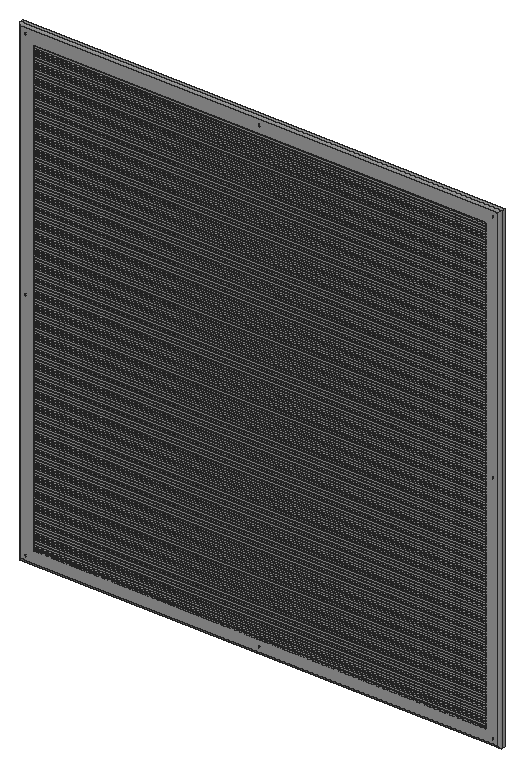
Revit family "ОНФ", category Оборудование, Revit 2021
Family settings
  Размер круглого соединителя = Использовать диаметр
  Классификация = Нет
  Тип детали = Нормальный
  На основе рабочей плоскости = Нет
  Всегда вертикально = Да
  При загрузке вырезать с полостями = Нет
  Общий = Нет
  Точка принадлежности помещению = Нет
Parameters (values of type "ОНФ 1000х1000")
  Ширина = C  # 30 mm
  Статичний тиск повітря [instance] = 0.0 Pa
  Повітряний потік [instance] = 0.0 m³/h
  Отметка по умолчанию = 0 mm
  Максимальний потік повітря = 0.0 m³/h
  Класифікація навантаження = "HVAC"
  Изготовитель = "Вентс"  # constant formula
  Довжина = A  # 1000 mm
  Висота = B  # 1000 mm
  Вага = 6.50 kg
  t = 3 mm
  r = 5 mm  # constant formula
  n = B1 / S  # 157
  a2 = -A1 / 2  # -470 mm
  a1 = A1 / 2  # 470 mm
  URL = "https://vents.ua/ua/series/onf-onfs-series-single-row-grilles-with-fixed-vanes"
  S = 6 mm
  Матеріал зони обслуговуваня = none
  Матеріал корпусу = Метал, пофарбований, білий, матовий
  B2 = B - C  # 970 mm
  B1 = B - C * 2  # 940 mm
  C = 30 mm
  B = 1000 mm
  A2 = A - C  # 970 mm
  A1 = A - 2 * C  # 940 mm
  A = 1000 mm
  09_Назва системи [instance] = ""
  00_20_Тип = "ОНФ 1000х1000"
  00_20_Назва = "Припливно-витяжна решітка"
  00_20_Виробник = "Вентс"  # constant formula
Reference planes
  plane 1 "По центру (Вперед/Назад)": y = 0
  plane 2: z = 0
  plane 3 "По центру (Влево/Вправо)": x = 0
  plane 4: x = 470
  plane 5: x = -470
  plane 6: z = 470
  plane 7: z = -470
  plane 8: z = 485
  plane 9: x = -485
  plane 10: x = 485
  plane 11: z = -485
Forms (mm)
  Extrusion 1, solid, material "Метал, пофарбований, білий, матовий"
    sketch origin (-145.595, 0, 117.557) x (1, 0, 0) y (0, 0, 1)
      loop
        line (-324.405, -587.557) -> (615.595, -587.557) -> (615.595, 352.443) -> (-324.405, 352.443) -> (-324.405, -587.557)
      loop
        line (-354.405, -617.557) -> (645.595, -617.557) -> (645.595, 382.443) -> (-354.405, 382.443) -> (-354.405, -617.557)
    from 0 to 10
  Extrusion 2, solid, material "Метал, пофарбований, білий, матовий"
    sketch origin (0, 0, 250) x (0, 1, 0) y (0, 0, 1)
      loop
        line (0, 216.798) -> (-10, 216.798) -> (-10, 213.798) -> (0, 213.798) -> (0, 216.798)
    from 470 <- "a1" to -470 <- "a2"
  Extrusion 3, solid, material "Метал, пофарбований, білий, матовий"
    sketch origin (0, 0, 244) x (0, 1, 0) y (0, 0, 1)
      loop
        line (0, 216.798) -> (-10, 216.798) -> (-10, 213.798) -> (0, 213.798) -> (0, 216.798)
    from 470 <- "a1" to -470 <- "a2"
  Extrusion 4, solid, material "Метал, пофарбований, білий, матовий"
    sketch origin (0, 0, 238) x (0, 1, 0) y (0, 0, 1)
      loop
        line (0, 216.798) -> (-10, 216.798) -> (-10, 213.798) -> (0, 213.798) -> (0, 216.798)
    from 470 <- "a1" to -470 <- "a2"
  Extrusion 5, solid, material "Метал, пофарбований, білий, матовий"
    sketch origin (0, 0, 232) x (0, 1, 0) y (0, 0, 1)
      loop
        line (0, 216.798) -> (-10, 216.798) -> (-10, 213.798) -> (0, 213.798) -> (0, 216.798)
    from 470 <- "a1" to -470 <- "a2"
  Extrusion 6, solid, material "Метал, пофарбований, білий, матовий"
    sketch origin (0, 0, 226) x (0, 1, 0) y (0, 0, 1)
      loop
        line (0, 216.798) -> (-10, 216.798) -> (-10, 213.798) -> (0, 213.798) -> (0, 216.798)
    from 470 <- "a1" to -470 <- "a2"
  Extrusion 7, solid, material "Метал, пофарбований, білий, матовий"
    sketch origin (0, 0, 220) x (0, 1, 0) y (0, 0, 1)
      loop
        line (0, 216.798) -> (-10, 216.798) -> (-10, 213.798) -> (0, 213.798) -> (0, 216.798)
    from 470 <- "a1" to -470 <- "a2"
  Extrusion 8, solid, material "Метал, пофарбований, білий, матовий"
    sketch origin (0, 0, 214) x (0, 1, 0) y (0, 0, 1)
      loop
        line (0, 216.798) -> (-10, 216.798) -> (-10, 213.798) -> (0, 213.798) -> (0, 216.798)
    from 470 <- "a1" to -470 <- "a2"
  Extrusion 9, solid, material "Метал, пофарбований, білий, матовий"
    sketch origin (0, 0, 208) x (0, 1, 0) y (0, 0, 1)
      loop
        line (0, 216.798) -> (-10, 216.798) -> (-10, 213.798) -> (0, 213.798) -> (0, 216.798)
    from 470 <- "a1" to -470 <- "a2"
  Extrusion 10, solid, material "Метал, пофарбований, білий, матовий"
    sketch origin (0, 0, 202) x (0, 1, 0) y (0, 0, 1)
      loop
        line (0, 216.798) -> (-10, 216.798) -> (-10, 213.798) -> (0, 213.798) -> (0, 216.798)
    from 470 <- "a1" to -470 <- "a2"
  Extrusion 11, solid, material "Метал, пофарбований, білий, матовий"
    sketch origin (0, 0, 196) x (0, 1, 0) y (0, 0, 1)
      loop
        line (0, 216.798) -> (-10, 216.798) -> (-10, 213.798) -> (0, 213.798) -> (0, 216.798)
    from 470 <- "a1" to -470 <- "a2"
  Extrusion 12, solid, material "Метал, пофарбований, білий, матовий"
    sketch origin (0, 0, 190) x (0, 1, 0) y (0, 0, 1)
      loop
        line (0, 216.798) -> (-10, 216.798) -> (-10, 213.798) -> (0, 213.798) -> (0, 216.798)
    from 470 <- "a1" to -470 <- "a2"
  Extrusion 13, solid, material "Метал, пофарбований, білий, матовий"
    sketch origin (0, 0, 184) x (0, 1, 0) y (0, 0, 1)
      loop
        line (0, 216.798) -> (-10, 216.798) -> (-10, 213.798) -> (0, 213.798) -> (0, 216.798)
    from 470 <- "a1" to -470 <- "a2"
  Extrusion 14, solid, material "Метал, пофарбований, білий, матовий"
    sketch origin (0, 0, 178) x (0, 1, 0) y (0, 0, 1)
      loop
        line (0, 216.798) -> (-10, 216.798) -> (-10, 213.798) -> (0, 213.798) -> (0, 216.798)
    from 470 <- "a1" to -470 <- "a2"
  Sweep 15, void
    path in 3D
      loop
        line (-500, -10, 500) -> (-500, -10, -500) -> (500, -10, -500) -> (500, -10, 500) -> (-500, -10, 500)
    profile origin (0, -10, 500) x (0, -1, 0) y (0, 0, 1)
      loop
        line (0, 0) -> (-5, 0)
        arc (-5, 0) -> (-1.464, -1.464) -> (0, -5) r 5
        line (0, -5) -> (0, 0)
  Extrusion 16, void
    sketch origin (0, 0, 0) x (1, 0, 0) y (0, 0, 1)
      loop
        circle (485.01, 485.01) r 2
      loop
        circle (-485.01, 485.01) r 2
      loop
        circle (485, 0) r 2
      loop
        circle (-485, 0) r 2
      loop
        circle (-485.01, -485.01) r 2
      loop
        circle (485.01, -485.01) r 2
      loop
        circle (0, -485) r 2
      loop
        circle (0, 485) r 2
    from 0 to 10
  Extrusion 17, solid, material "Метал, пофарбований, білий, матовий"
    sketch origin (0, 0, 172) x (0, 1, 0) y (0, 0, 1)
      loop
        line (0, 216.798) -> (-10, 216.798) -> (-10, 213.798) -> (0, 213.798) -> (0, 216.798)
    from 470 <- "a1" to -470 <- "a2"
  Extrusion 18, solid, material "Метал, пофарбований, білий, матовий"
    sketch origin (0, 0, 166) x (0, 1, 0) y (0, 0, 1)
      loop
        line (0, 216.798) -> (-10, 216.798) -> (-10, 213.798) -> (0, 213.798) -> (0, 216.798)
    from 470 <- "a1" to -470 <- "a2"
  Extrusion 19, solid, material "Метал, пофарбований, білий, матовий"
    sketch origin (0, 0, 160) x (0, 1, 0) y (0, 0, 1)
      loop
        line (0, 216.798) -> (-10, 216.798) -> (-10, 213.798) -> (0, 213.798) -> (0, 216.798)
    from 470 <- "a1" to -470 <- "a2"
  Extrusion 20, solid, material "Метал, пофарбований, білий, матовий"
    sketch origin (0, 0, 154) x (0, 1, 0) y (0, 0, 1)
      loop
        line (0, 216.798) -> (-10, 216.798) -> (-10, 213.798) -> (0, 213.798) -> (0, 216.798)
    from 470 <- "a1" to -470 <- "a2"
  Extrusion 21, solid, material "Метал, пофарбований, білий, матовий"
    sketch origin (0, 0, 148) x (0, 1, 0) y (0, 0, 1)
      loop
        line (0, 216.798) -> (-10, 216.798) -> (-10, 213.798) -> (0, 213.798) -> (0, 216.798)
    from 470 <- "a1" to -470 <- "a2"
  Extrusion 22, solid, material "Метал, пофарбований, білий, матовий"
    sketch origin (0, 0, 142) x (0, 1, 0) y (0, 0, 1)
      loop
        line (0, 216.798) -> (-10, 216.798) -> (-10, 213.798) -> (0, 213.798) -> (0, 216.798)
    from 470 <- "a1" to -470 <- "a2"
  Extrusion 23, solid, material "Метал, пофарбований, білий, матовий"
    sketch origin (0, 0, 136) x (0, 1, 0) y (0, 0, 1)
      loop
        line (0, 216.798) -> (-10, 216.798) -> (-10, 213.798) -> (0, 213.798) -> (0, 216.798)
    from 470 <- "a1" to -470 <- "a2"
  Extrusion 24, solid, material "Метал, пофарбований, білий, матовий"
    sketch origin (0, 0, 130) x (0, 1, 0) y (0, 0, 1)
      loop
        line (0, 216.798) -> (-10, 216.798) -> (-10, 213.798) -> (0, 213.798) -> (0, 216.798)
    from 470 <- "a1" to -470 <- "a2"
  Extrusion 25, solid, material "Метал, пофарбований, білий, матовий"
    sketch origin (0, 0, 124) x (0, 1, 0) y (0, 0, 1)
      loop
        line (0, 216.798) -> (-10, 216.798) -> (-10, 213.798) -> (0, 213.798) -> (0, 216.798)
    from 470 <- "a1" to -470 <- "a2"
  Extrusion 26, solid, material "Метал, пофарбований, білий, матовий"
    sketch origin (0, 0, 118) x (0, 1, 0) y (0, 0, 1)
      loop
        line (0, 216.798) -> (-10, 216.798) -> (-10, 213.798) -> (0, 213.798) -> (0, 216.798)
    from 470 <- "a1" to -470 <- "a2"
  Extrusion 27, solid, material "Метал, пофарбований, білий, матовий"
    sketch origin (0, 0, 112) x (0, 1, 0) y (0, 0, 1)
      loop
        line (0, 216.798) -> (-10, 216.798) -> (-10, 213.798) -> (0, 213.798) -> (0, 216.798)
    from 470 <- "a1" to -470 <- "a2"
  Extrusion 28, solid, material "Метал, пофарбований, білий, матовий"
    sketch origin (0, 0, 106) x (0, 1, 0) y (0, 0, 1)
      loop
        line (0, 216.798) -> (-10, 216.798) -> (-10, 213.798) -> (0, 213.798) -> (0, 216.798)
    from 470 <- "a1" to -470 <- "a2"
  Extrusion 29, solid, material "Метал, пофарбований, білий, матовий"
    sketch origin (0, 0, 100) x (0, 1, 0) y (0, 0, 1)
      loop
        line (0, 216.798) -> (-10, 216.798) -> (-10, 213.798) -> (0, 213.798) -> (0, 216.798)
    from 470 <- "a1" to -470 <- "a2"
  Extrusion 30, solid, material "Метал, пофарбований, білий, матовий"
    sketch origin (0, 0, 94) x (0, 1, 0) y (0, 0, 1)
      loop
        line (0, 216.798) -> (-10, 216.798) -> (-10, 213.798) -> (0, 213.798) -> (0, 216.798)
    from 470 <- "a1" to -470 <- "a2"
  Extrusion 31, solid, material "Метал, пофарбований, білий, матовий"
    sketch origin (0, 0, 88) x (0, 1, 0) y (0, 0, 1)
      loop
        line (0, 216.798) -> (-10, 216.798) -> (-10, 213.798) -> (0, 213.798) -> (0, 216.798)
    from 470 <- "a1" to -470 <- "a2"
  Extrusion 32, solid, material "Метал, пофарбований, білий, матовий"
    sketch origin (0, 0, 82) x (0, 1, 0) y (0, 0, 1)
      loop
        line (0, 216.798) -> (-10, 216.798) -> (-10, 213.798) -> (0, 213.798) -> (0, 216.798)
    from 470 <- "a1" to -470 <- "a2"
  Extrusion 33, solid, material "Метал, пофарбований, білий, матовий"
    sketch origin (0, 0, 76) x (0, 1, 0) y (0, 0, 1)
      loop
        line (0, 216.798) -> (-10, 216.798) -> (-10, 213.798) -> (0, 213.798) -> (0, 216.798)
    from 470 <- "a1" to -470 <- "a2"
  Extrusion 34, solid, material "Метал, пофарбований, білий, матовий"
    sketch origin (0, 0, 70) x (0, 1, 0) y (0, 0, 1)
      loop
        line (0, 216.798) -> (-10, 216.798) -> (-10, 213.798) -> (0, 213.798) -> (0, 216.798)
    from 470 <- "a1" to -470 <- "a2"
  Extrusion 35, solid, material "Метал, пофарбований, білий, матовий"
    sketch origin (0, 0, 64) x (0, 1, 0) y (0, 0, 1)
      loop
        line (0, 216.798) -> (-10, 216.798) -> (-10, 213.798) -> (0, 213.798) -> (0, 216.798)
    from 470 <- "a1" to -470 <- "a2"
  Extrusion 36, solid, material "Метал, пофарбований, білий, матовий"
    sketch origin (0, 0, 58) x (0, 1, 0) y (0, 0, 1)
      loop
        line (0, 216.798) -> (-10, 216.798) -> (-10, 213.798) -> (0, 213.798) -> (0, 216.798)
    from 470 <- "a1" to -470 <- "a2"
  Extrusion 37, solid, material "Метал, пофарбований, білий, матовий"
    sketch origin (0, 0, 52) x (0, 1, 0) y (0, 0, 1)
      loop
        line (0, 216.798) -> (-10, 216.798) -> (-10, 213.798) -> (0, 213.798) -> (0, 216.798)
    from 470 <- "a1" to -470 <- "a2"
  Extrusion 38, solid, material "Метал, пофарбований, білий, матовий"
    sketch origin (0, 0, 46) x (0, 1, 0) y (0, 0, 1)
      loop
        line (0, 216.798) -> (-10, 216.798) -> (-10, 213.798) -> (0, 213.798) -> (0, 216.798)
    from 470 <- "a1" to -470 <- "a2"
  Extrusion 39, solid, material "Метал, пофарбований, білий, матовий"
    sketch origin (0, 0, 40) x (0, 1, 0) y (0, 0, 1)
      loop
        line (0, 216.798) -> (-10, 216.798) -> (-10, 213.798) -> (0, 213.798) -> (0, 216.798)
    from 470 <- "a1" to -470 <- "a2"
  Extrusion 40, solid, material "Метал, пофарбований, білий, матовий"
    sketch origin (0, 0, 34) x (0, 1, 0) y (0, 0, 1)
      loop
        line (0, 216.798) -> (-10, 216.798) -> (-10, 213.798) -> (0, 213.798) -> (0, 216.798)
    from 470 <- "a1" to -470 <- "a2"
  Extrusion 41, solid, material "Метал, пофарбований, білий, матовий"
    sketch origin (0, 0, 28) x (0, 1, 0) y (0, 0, 1)
      loop
        line (0, 216.798) -> (-10, 216.798) -> (-10, 213.798) -> (0, 213.798) -> (0, 216.798)
    from 470 <- "a1" to -470 <- "a2"
  Extrusion 42, solid, material "Метал, пофарбований, білий, матовий"
    sketch origin (0, 0, 22) x (0, 1, 0) y (0, 0, 1)
      loop
        line (0, 216.798) -> (-10, 216.798) -> (-10, 213.798) -> (0, 213.798) -> (0, 216.798)
    from 470 <- "a1" to -470 <- "a2"
  Extrusion 43, solid, material "Метал, пофарбований, білий, матовий"
    sketch origin (0, 0, 16) x (0, 1, 0) y (0, 0, 1)
      loop
        line (0, 216.798) -> (-10, 216.798) -> (-10, 213.798) -> (0, 213.798) -> (0, 216.798)
    from 470 <- "a1" to -470 <- "a2"
  Extrusion 44, solid, material "Метал, пофарбований, білий, матовий"
    sketch origin (0, 0, 10) x (0, 1, 0) y (0, 0, 1)
      loop
        line (0, 216.798) -> (-10, 216.798) -> (-10, 213.798) -> (0, 213.798) -> (0, 216.798)
    from 470 <- "a1" to -470 <- "a2"
  Extrusion 45, solid, material "Метал, пофарбований, білий, матовий"
    sketch origin (0, 0, 4) x (0, 1, 0) y (0, 0, 1)
      loop
        line (0, 216.798) -> (-10, 216.798) -> (-10, 213.798) -> (0, 213.798) -> (0, 216.798)
    from 470 <- "a1" to -470 <- "a2"
  Extrusion 46, solid, material "Метал, пофарбований, білий, матовий"
    sketch origin (0, 0, -2) x (0, 1, 0) y (0, 0, 1)
      loop
        line (0, 216.798) -> (-10, 216.798) -> (-10, 213.798) -> (0, 213.798) -> (0, 216.798)
    from 470 <- "a1" to -470 <- "a2"
  Extrusion 47, solid, material "Метал, пофарбований, білий, матовий"
    sketch origin (0, 0, -8) x (0, 1, 0) y (0, 0, 1)
      loop
        line (0, 216.798) -> (-10, 216.798) -> (-10, 213.798) -> (0, 213.798) -> (0, 216.798)
    from 470 <- "a1" to -470 <- "a2"
  Extrusion 48, solid, material "Метал, пофарбований, білий, матовий"
    sketch origin (0, 0, -14) x (0, 1, 0) y (0, 0, 1)
      loop
        line (0, 216.798) -> (-10, 216.798) -> (-10, 213.798) -> (0, 213.798) -> (0, 216.798)
    from 470 <- "a1" to -470 <- "a2"
  Extrusion 49, solid, material "Метал, пофарбований, білий, матовий"
    sketch origin (0, 0, -20) x (0, 1, 0) y (0, 0, 1)
      loop
        line (0, 216.798) -> (-10, 216.798) -> (-10, 213.798) -> (0, 213.798) -> (0, 216.798)
    from 470 <- "a1" to -470 <- "a2"
  Extrusion 50, solid, material "Метал, пофарбований, білий, матовий"
    sketch origin (0, 0, -26) x (0, 1, 0) y (0, 0, 1)
      loop
        line (0, 216.798) -> (-10, 216.798) -> (-10, 213.798) -> (0, 213.798) -> (0, 216.798)
    from 470 <- "a1" to -470 <- "a2"
  Extrusion 51, solid, material "Метал, пофарбований, білий, матовий"
    sketch origin (0, 0, -32) x (0, 1, 0) y (0, 0, 1)
      loop
        line (0, 216.798) -> (-10, 216.798) -> (-10, 213.798) -> (0, 213.798) -> (0, 216.798)
    from 470 <- "a1" to -470 <- "a2"
  Extrusion 52, solid, material "Метал, пофарбований, білий, матовий"
    sketch origin (0, 0, -38) x (0, 1, 0) y (0, 0, 1)
      loop
        line (0, 216.798) -> (-10, 216.798) -> (-10, 213.798) -> (0, 213.798) -> (0, 216.798)
    from 470 <- "a1" to -470 <- "a2"
  Extrusion 53, solid, material "Метал, пофарбований, білий, матовий"
    sketch origin (0, 0, -44) x (0, 1, 0) y (0, 0, 1)
      loop
        line (0, 216.798) -> (-10, 216.798) -> (-10, 213.798) -> (0, 213.798) -> (0, 216.798)
    from 470 <- "a1" to -470 <- "a2"
  Extrusion 54, solid, material "Метал, пофарбований, білий, матовий"
    sketch origin (0, 0, -50) x (0, 1, 0) y (0, 0, 1)
      loop
        line (0, 216.798) -> (-10, 216.798) -> (-10, 213.798) -> (0, 213.798) -> (0, 216.798)
    from 470 <- "a1" to -470 <- "a2"
  Extrusion 55, solid, material "Метал, пофарбований, білий, матовий"
    sketch origin (0, 0, -56) x (0, 1, 0) y (0, 0, 1)
      loop
        line (0, 216.798) -> (-10, 216.798) -> (-10, 213.798) -> (0, 213.798) -> (0, 216.798)
    from 470 <- "a1" to -470 <- "a2"
  Extrusion 56, solid, material "Метал, пофарбований, білий, матовий"
    sketch origin (0, 0, -62) x (0, 1, 0) y (0, 0, 1)
      loop
        line (0, 216.798) -> (-10, 216.798) -> (-10, 213.798) -> (0, 213.798) -> (0, 216.798)
    from 470 <- "a1" to -470 <- "a2"
  Extrusion 57, solid, material "Метал, пофарбований, білий, матовий"
    sketch origin (0, 0, -68) x (0, 1, 0) y (0, 0, 1)
      loop
        line (0, 216.798) -> (-10, 216.798) -> (-10, 213.798) -> (0, 213.798) -> (0, 216.798)
    from 470 <- "a1" to -470 <- "a2"
  Extrusion 58, solid, material "Метал, пофарбований, білий, матовий"
    sketch origin (0, 0, -74) x (0, 1, 0) y (0, 0, 1)
      loop
        line (0, 216.798) -> (-10, 216.798) -> (-10, 213.798) -> (0, 213.798) -> (0, 216.798)
    from 470 <- "a1" to -470 <- "a2"
  Extrusion 59, solid, material "Метал, пофарбований, білий, матовий"
    sketch origin (0, 0, -80) x (0, 1, 0) y (0, 0, 1)
      loop
        line (0, 216.798) -> (-10, 216.798) -> (-10, 213.798) -> (0, 213.798) -> (0, 216.798)
    from 470 <- "a1" to -470 <- "a2"
  Extrusion 60, solid, material "Метал, пофарбований, білий, матовий"
    sketch origin (0, 0, -86) x (0, 1, 0) y (0, 0, 1)
      loop
        line (0, 216.798) -> (-10, 216.798) -> (-10, 213.798) -> (0, 213.798) -> (0, 216.798)
    from 470 <- "a1" to -470 <- "a2"
  Extrusion 61, solid, material "Метал, пофарбований, білий, матовий"
    sketch origin (0, 0, -92) x (0, 1, 0) y (0, 0, 1)
      loop
        line (0, 216.798) -> (-10, 216.798) -> (-10, 213.798) -> (0, 213.798) -> (0, 216.798)
    from 470 <- "a1" to -470 <- "a2"
  Extrusion 62, solid, material "Метал, пофарбований, білий, матовий"
    sketch origin (0, 0, -98) x (0, 1, 0) y (0, 0, 1)
      loop
        line (0, 216.798) -> (-10, 216.798) -> (-10, 213.798) -> (0, 213.798) -> (0, 216.798)
    from 470 <- "a1" to -470 <- "a2"
  Extrusion 63, solid, material "Метал, пофарбований, білий, матовий"
    sketch origin (0, 0, -104) x (0, 1, 0) y (0, 0, 1)
      loop
        line (0, 216.798) -> (-10, 216.798) -> (-10, 213.798) -> (0, 213.798) -> (0, 216.798)
    from 470 <- "a1" to -470 <- "a2"
  Extrusion 64, solid, material "Метал, пофарбований, білий, матовий"
    sketch origin (0, 0, -110) x (0, 1, 0) y (0, 0, 1)
      loop
        line (0, 216.798) -> (-10, 216.798) -> (-10, 213.798) -> (0, 213.798) -> (0, 216.798)
    from 470 <- "a1" to -470 <- "a2"
  Extrusion 65, solid, material "Метал, пофарбований, білий, матовий"
    sketch origin (0, 0, -116) x (0, 1, 0) y (0, 0, 1)
      loop
        line (0, 216.798) -> (-10, 216.798) -> (-10, 213.798) -> (0, 213.798) -> (0, 216.798)
    from 470 <- "a1" to -470 <- "a2"
  Extrusion 66, solid, material "Метал, пофарбований, білий, матовий"
    sketch origin (0, 0, -122) x (0, 1, 0) y (0, 0, 1)
      loop
        line (0, 216.798) -> (-10, 216.798) -> (-10, 213.798) -> (0, 213.798) -> (0, 216.798)
    from 470 <- "a1" to -470 <- "a2"
  Extrusion 67, solid, material "Метал, пофарбований, білий, матовий"
    sketch origin (0, 0, -128) x (0, 1, 0) y (0, 0, 1)
      loop
        line (0, 216.798) -> (-10, 216.798) -> (-10, 213.798) -> (0, 213.798) -> (0, 216.798)
    from 470 <- "a1" to -470 <- "a2"
  Extrusion 68, solid, material "Метал, пофарбований, білий, матовий"
    sketch origin (0, 0, -134) x (0, 1, 0) y (0, 0, 1)
      loop
        line (0, 216.798) -> (-10, 216.798) -> (-10, 213.798) -> (0, 213.798) -> (0, 216.798)
    from 470 <- "a1" to -470 <- "a2"
  Extrusion 69, solid, material "Метал, пофарбований, білий, матовий"
    sketch origin (0, 0, -140) x (0, 1, 0) y (0, 0, 1)
      loop
        line (0, 216.798) -> (-10, 216.798) -> (-10, 213.798) -> (0, 213.798) -> (0, 216.798)
    from 470 <- "a1" to -470 <- "a2"
  Extrusion 70, solid, material "Метал, пофарбований, білий, матовий"
    sketch origin (0, 0, -146) x (0, 1, 0) y (0, 0, 1)
      loop
        line (0, 216.798) -> (-10, 216.798) -> (-10, 213.798) -> (0, 213.798) -> (0, 216.798)
    from 470 <- "a1" to -470 <- "a2"
  Extrusion 71, solid, material "Метал, пофарбований, білий, матовий"
    sketch origin (0, 0, -152) x (0, 1, 0) y (0, 0, 1)
      loop
        line (0, 216.798) -> (-10, 216.798) -> (-10, 213.798) -> (0, 213.798) -> (0, 216.798)
    from 470 <- "a1" to -470 <- "a2"
  Extrusion 72, solid, material "Метал, пофарбований, білий, матовий"
    sketch origin (0, 0, -158) x (0, 1, 0) y (0, 0, 1)
      loop
        line (0, 216.798) -> (-10, 216.798) -> (-10, 213.798) -> (0, 213.798) -> (0, 216.798)
    from 470 <- "a1" to -470 <- "a2"
  Extrusion 73, solid, material "Метал, пофарбований, білий, матовий"
    sketch origin (0, 0, -164) x (0, 1, 0) y (0, 0, 1)
      loop
        line (0, 216.798) -> (-10, 216.798) -> (-10, 213.798) -> (0, 213.798) -> (0, 216.798)
    from 470 <- "a1" to -470 <- "a2"
  Extrusion 74, solid, material "Метал, пофарбований, білий, матовий"
    sketch origin (0, 0, -170) x (0, 1, 0) y (0, 0, 1)
      loop
        line (0, 216.798) -> (-10, 216.798) -> (-10, 213.798) -> (0, 213.798) -> (0, 216.798)
    from 470 <- "a1" to -470 <- "a2"
  Extrusion 75, solid, material "Метал, пофарбований, білий, матовий"
    sketch origin (0, 0, -176) x (0, 1, 0) y (0, 0, 1)
      loop
        line (0, 216.798) -> (-10, 216.798) -> (-10, 213.798) -> (0, 213.798) -> (0, 216.798)
    from 470 <- "a1" to -470 <- "a2"
  Extrusion 76, solid, material "Метал, пофарбований, білий, матовий"
    sketch origin (0, 0, -182) x (0, 1, 0) y (0, 0, 1)
      loop
        line (0, 216.798) -> (-10, 216.798) -> (-10, 213.798) -> (0, 213.798) -> (0, 216.798)
    from 470 <- "a1" to -470 <- "a2"
  Extrusion 77, solid, material "Метал, пофарбований, білий, матовий"
    sketch origin (0, 0, -188) x (0, 1, 0) y (0, 0, 1)
      loop
        line (0, 216.798) -> (-10, 216.798) -> (-10, 213.798) -> (0, 213.798) -> (0, 216.798)
    from 470 <- "a1" to -470 <- "a2"
  Extrusion 78, solid, material "Метал, пофарбований, білий, матовий"
    sketch origin (0, 0, -194) x (0, 1, 0) y (0, 0, 1)
      loop
        line (0, 216.798) -> (-10, 216.798) -> (-10, 213.798) -> (0, 213.798) -> (0, 216.798)
    from 470 <- "a1" to -470 <- "a2"
  Extrusion 79, solid, material "Метал, пофарбований, білий, матовий"
    sketch origin (0, 0, -200) x (0, 1, 0) y (0, 0, 1)
      loop
        line (0, 216.798) -> (-10, 216.798) -> (-10, 213.798) -> (0, 213.798) -> (0, 216.798)
    from 470 <- "a1" to -470 <- "a2"
  Extrusion 80, solid, material "Метал, пофарбований, білий, матовий"
    sketch origin (0, 0, -206) x (0, 1, 0) y (0, 0, 1)
      loop
        line (0, 216.798) -> (-10, 216.798) -> (-10, 213.798) -> (0, 213.798) -> (0, 216.798)
    from 470 <- "a1" to -470 <- "a2"
  Extrusion 81, solid, material "Метал, пофарбований, білий, матовий"
    sketch origin (0, 0, -212) x (0, 1, 0) y (0, 0, 1)
      loop
        line (0, 216.798) -> (-10, 216.798) -> (-10, 213.798) -> (0, 213.798) -> (0, 216.798)
    from 470 <- "a1" to -470 <- "a2"
  Extrusion 82, solid, material "Метал, пофарбований, білий, матовий"
    sketch origin (0, 0, -218) x (0, 1, 0) y (0, 0, 1)
      loop
        line (0, 216.798) -> (-10, 216.798) -> (-10, 213.798) -> (0, 213.798) -> (0, 216.798)
    from 470 <- "a1" to -470 <- "a2"
  Extrusion 83, solid, material "Метал, пофарбований, білий, матовий"
    sketch origin (0, 0, -224) x (0, 1, 0) y (0, 0, 1)
      loop
        line (0, 216.798) -> (-10, 216.798) -> (-10, 213.798) -> (0, 213.798) -> (0, 216.798)
    from 470 <- "a1" to -470 <- "a2"
  Extrusion 84, solid, material "Метал, пофарбований, білий, матовий"
    sketch origin (0, 0, -230) x (0, 1, 0) y (0, 0, 1)
      loop
        line (0, 216.798) -> (-10, 216.798) -> (-10, 213.798) -> (0, 213.798) -> (0, 216.798)
    from 470 <- "a1" to -470 <- "a2"
  Extrusion 85, solid, material "Метал, пофарбований, білий, матовий"
    sketch origin (0, 0, -236) x (0, 1, 0) y (0, 0, 1)
      loop
        line (0, 216.798) -> (-10, 216.798) -> (-10, 213.798) -> (0, 213.798) -> (0, 216.798)
    from 470 <- "a1" to -470 <- "a2"
  Extrusion 86, solid, material "Метал, пофарбований, білий, матовий"
    sketch origin (0, 0, -242) x (0, 1, 0) y (0, 0, 1)
      loop
        line (0, 216.798) -> (-10, 216.798) -> (-10, 213.798) -> (0, 213.798) -> (0, 216.798)
    from 470 <- "a1" to -470 <- "a2"
  Extrusion 87, solid, material "Метал, пофарбований, білий, матовий"
    sketch origin (0, 0, -248) x (0, 1, 0) y (0, 0, 1)
      loop
        line (0, 216.798) -> (-10, 216.798) -> (-10, 213.798) -> (0, 213.798) -> (0, 216.798)
    from 470 <- "a1" to -470 <- "a2"
  Extrusion 88, solid, material "Метал, пофарбований, білий, матовий"
    sketch origin (0, 0, -254) x (0, 1, 0) y (0, 0, 1)
      loop
        line (0, 216.798) -> (-10, 216.798) -> (-10, 213.798) -> (0, 213.798) -> (0, 216.798)
    from 470 <- "a1" to -470 <- "a2"
  Extrusion 89, solid, material "Метал, пофарбований, білий, матовий"
    sketch origin (0, 0, -260) x (0, 1, 0) y (0, 0, 1)
      loop
        line (0, 216.798) -> (-10, 216.798) -> (-10, 213.798) -> (0, 213.798) -> (0, 216.798)
    from 470 <- "a1" to -470 <- "a2"
  Extrusion 90, solid, material "Метал, пофарбований, білий, матовий"
    sketch origin (0, 0, -266) x (0, 1, 0) y (0, 0, 1)
      loop
        line (0, 216.798) -> (-10, 216.798) -> (-10, 213.798) -> (0, 213.798) -> (0, 216.798)
    from 470 <- "a1" to -470 <- "a2"
  Extrusion 91, solid, material "Метал, пофарбований, білий, матовий"
    sketch origin (0, 0, -272) x (0, 1, 0) y (0, 0, 1)
      loop
        line (0, 216.798) -> (-10, 216.798) -> (-10, 213.798) -> (0, 213.798) -> (0, 216.798)
    from 470 <- "a1" to -470 <- "a2"
  Extrusion 92, solid, material "Метал, пофарбований, білий, матовий"
    sketch origin (0, 0, -278) x (0, 1, 0) y (0, 0, 1)
      loop
        line (0, 216.798) -> (-10, 216.798) -> (-10, 213.798) -> (0, 213.798) -> (0, 216.798)
    from 470 <- "a1" to -470 <- "a2"
  Extrusion 93, solid, material "Метал, пофарбований, білий, матовий"
    sketch origin (0, 0, -284) x (0, 1, 0) y (0, 0, 1)
      loop
        line (0, 216.798) -> (-10, 216.798) -> (-10, 213.798) -> (0, 213.798) -> (0, 216.798)
    from 470 <- "a1" to -470 <- "a2"
  Extrusion 94, solid, material "Метал, пофарбований, білий, матовий"
    sketch origin (0, 0, -290) x (0, 1, 0) y (0, 0, 1)
      loop
        line (0, 216.798) -> (-10, 216.798) -> (-10, 213.798) -> (0, 213.798) -> (0, 216.798)
    from 470 <- "a1" to -470 <- "a2"
  Extrusion 95, solid, material "Метал, пофарбований, білий, матовий"
    sketch origin (0, 0, -296) x (0, 1, 0) y (0, 0, 1)
      loop
        line (0, 216.798) -> (-10, 216.798) -> (-10, 213.798) -> (0, 213.798) -> (0, 216.798)
    from 470 <- "a1" to -470 <- "a2"
  Extrusion 96, solid, material "Метал, пофарбований, білий, матовий"
    sketch origin (0, 0, -302) x (0, 1, 0) y (0, 0, 1)
      loop
        line (0, 216.798) -> (-10, 216.798) -> (-10, 213.798) -> (0, 213.798) -> (0, 216.798)
    from 470 <- "a1" to -470 <- "a2"
  Extrusion 97, solid, material "Метал, пофарбований, білий, матовий"
    sketch origin (0, 0, -308) x (0, 1, 0) y (0, 0, 1)
      loop
        line (0, 216.798) -> (-10, 216.798) -> (-10, 213.798) -> (0, 213.798) -> (0, 216.798)
    from 470 <- "a1" to -470 <- "a2"
  Extrusion 98, solid, material "Метал, пофарбований, білий, матовий"
    sketch origin (0, 0, -314) x (0, 1, 0) y (0, 0, 1)
      loop
        line (0, 216.798) -> (-10, 216.798) -> (-10, 213.798) -> (0, 213.798) -> (0, 216.798)
    from 470 <- "a1" to -470 <- "a2"
  Extrusion 99, solid, material "Метал, пофарбований, білий, матовий"
    sketch origin (0, 0, -320) x (0, 1, 0) y (0, 0, 1)
      loop
        line (0, 216.798) -> (-10, 216.798) -> (-10, 213.798) -> (0, 213.798) -> (0, 216.798)
    from 470 <- "a1" to -470 <- "a2"
  Extrusion 100, solid, material "Метал, пофарбований, білий, матовий"
    sketch origin (0, 0, -326) x (0, 1, 0) y (0, 0, 1)
      loop
        line (0, 216.798) -> (-10, 216.798) -> (-10, 213.798) -> (0, 213.798) -> (0, 216.798)
    from 470 <- "a1" to -470 <- "a2"
  Extrusion 101, solid, material "Метал, пофарбований, білий, матовий"
    sketch origin (0, 0, -332) x (0, 1, 0) y (0, 0, 1)
      loop
        line (0, 216.798) -> (-10, 216.798) -> (-10, 213.798) -> (0, 213.798) -> (0, 216.798)
    from 470 <- "a1" to -470 <- "a2"
  Extrusion 102, solid, material "Метал, пофарбований, білий, матовий"
    sketch origin (0, 0, -338) x (0, 1, 0) y (0, 0, 1)
      loop
        line (0, 216.798) -> (-10, 216.798) -> (-10, 213.798) -> (0, 213.798) -> (0, 216.798)
    from 470 <- "a1" to -470 <- "a2"
  Extrusion 103, solid, material "Метал, пофарбований, білий, матовий"
    sketch origin (0, 0, -344) x (0, 1, 0) y (0, 0, 1)
      loop
        line (0, 216.798) -> (-10, 216.798) -> (-10, 213.798) -> (0, 213.798) -> (0, 216.798)
    from 470 <- "a1" to -470 <- "a2"
  Extrusion 104, solid, material "Метал, пофарбований, білий, матовий"
    sketch origin (0, 0, -350) x (0, 1, 0) y (0, 0, 1)
      loop
        line (0, 216.798) -> (-10, 216.798) -> (-10, 213.798) -> (0, 213.798) -> (0, 216.798)
    from 470 <- "a1" to -470 <- "a2"
  Extrusion 105, solid, material "Метал, пофарбований, білий, матовий"
    sketch origin (0, 0, -356) x (0, 1, 0) y (0, 0, 1)
      loop
        line (0, 216.798) -> (-10, 216.798) -> (-10, 213.798) -> (0, 213.798) -> (0, 216.798)
    from 470 <- "a1" to -470 <- "a2"
  Extrusion 106, solid, material "Метал, пофарбований, білий, матовий"
    sketch origin (0, 0, -362) x (0, 1, 0) y (0, 0, 1)
      loop
        line (0, 216.798) -> (-10, 216.798) -> (-10, 213.798) -> (0, 213.798) -> (0, 216.798)
    from 470 <- "a1" to -470 <- "a2"
  Extrusion 107, solid, material "Метал, пофарбований, білий, матовий"
    sketch origin (0, 0, -368) x (0, 1, 0) y (0, 0, 1)
      loop
        line (0, 216.798) -> (-10, 216.798) -> (-10, 213.798) -> (0, 213.798) -> (0, 216.798)
    from 470 <- "a1" to -470 <- "a2"
  Extrusion 108, solid, material "Метал, пофарбований, білий, матовий"
    sketch origin (0, 0, -374) x (0, 1, 0) y (0, 0, 1)
      loop
        line (0, 216.798) -> (-10, 216.798) -> (-10, 213.798) -> (0, 213.798) -> (0, 216.798)
    from 470 <- "a1" to -470 <- "a2"
  Extrusion 109, solid, material "Метал, пофарбований, білий, матовий"
    sketch origin (0, 0, -380) x (0, 1, 0) y (0, 0, 1)
      loop
        line (0, 216.798) -> (-10, 216.798) -> (-10, 213.798) -> (0, 213.798) -> (0, 216.798)
    from 470 <- "a1" to -470 <- "a2"
  Extrusion 110, solid, material "Метал, пофарбований, білий, матовий"
    sketch origin (0, 0, -386) x (0, 1, 0) y (0, 0, 1)
      loop
        line (0, 216.798) -> (-10, 216.798) -> (-10, 213.798) -> (0, 213.798) -> (0, 216.798)
    from 470 <- "a1" to -470 <- "a2"
  Extrusion 111, solid, material "Метал, пофарбований, білий, матовий"
    sketch origin (0, 0, -392) x (0, 1, 0) y (0, 0, 1)
      loop
        line (0, 216.798) -> (-10, 216.798) -> (-10, 213.798) -> (0, 213.798) -> (0, 216.798)
    from 470 <- "a1" to -470 <- "a2"
  Extrusion 112, solid, material "Метал, пофарбований, білий, матовий"
    sketch origin (0, 0, -398) x (0, 1, 0) y (0, 0, 1)
      loop
        line (0, 216.798) -> (-10, 216.798) -> (-10, 213.798) -> (0, 213.798) -> (0, 216.798)
    from 470 <- "a1" to -470 <- "a2"
  Extrusion 113, solid, material "Метал, пофарбований, білий, матовий"
    sketch origin (0, 0, -404) x (0, 1, 0) y (0, 0, 1)
      loop
        line (0, 216.798) -> (-10, 216.798) -> (-10, 213.798) -> (0, 213.798) -> (0, 216.798)
    from 470 <- "a1" to -470 <- "a2"
  Extrusion 114, solid, material "Метал, пофарбований, білий, матовий"
    sketch origin (0, 0, -410) x (0, 1, 0) y (0, 0, 1)
      loop
        line (0, 216.798) -> (-10, 216.798) -> (-10, 213.798) -> (0, 213.798) -> (0, 216.798)
    from 470 <- "a1" to -470 <- "a2"
  Extrusion 115, solid, material "Метал, пофарбований, білий, матовий"
    sketch origin (0, 0, -416) x (0, 1, 0) y (0, 0, 1)
      loop
        line (0, 216.798) -> (-10, 216.798) -> (-10, 213.798) -> (0, 213.798) -> (0, 216.798)
    from 470 <- "a1" to -470 <- "a2"
  Extrusion 116, solid, material "Метал, пофарбований, білий, матовий"
    sketch origin (0, 0, -422) x (0, 1, 0) y (0, 0, 1)
      loop
        line (0, 216.798) -> (-10, 216.798) -> (-10, 213.798) -> (0, 213.798) -> (0, 216.798)
    from 470 <- "a1" to -470 <- "a2"
  Extrusion 117, solid, material "Метал, пофарбований, білий, матовий"
    sketch origin (0, 0, -428) x (0, 1, 0) y (0, 0, 1)
      loop
        line (0, 216.798) -> (-10, 216.798) -> (-10, 213.798) -> (0, 213.798) -> (0, 216.798)
    from 470 <- "a1" to -470 <- "a2"
  Extrusion 118, solid, material "Метал, пофарбований, білий, матовий"
    sketch origin (0, 0, -434) x (0, 1, 0) y (0, 0, 1)
      loop
        line (0, 216.798) -> (-10, 216.798) -> (-10, 213.798) -> (0, 213.798) -> (0, 216.798)
    from 470 <- "a1" to -470 <- "a2"
  Extrusion 119, solid, material "Метал, пофарбований, білий, матовий"
    sketch origin (0, 0, -440) x (0, 1, 0) y (0, 0, 1)
      loop
        line (0, 216.798) -> (-10, 216.798) -> (-10, 213.798) -> (0, 213.798) -> (0, 216.798)
    from 470 <- "a1" to -470 <- "a2"
  Extrusion 120, solid, material "Метал, пофарбований, білий, матовий"
    sketch origin (0, 0, -446) x (0, 1, 0) y (0, 0, 1)
      loop
        line (0, 216.798) -> (-10, 216.798) -> (-10, 213.798) -> (0, 213.798) -> (0, 216.798)
    from 470 <- "a1" to -470 <- "a2"
  Extrusion 121, solid, material "Метал, пофарбований, білий, матовий"
    sketch origin (0, 0, -452) x (0, 1, 0) y (0, 0, 1)
      loop
        line (0, 216.798) -> (-10, 216.798) -> (-10, 213.798) -> (0, 213.798) -> (0, 216.798)
    from 470 <- "a1" to -470 <- "a2"
  Extrusion 122, solid, material "Метал, пофарбований, білий, матовий"
    sketch origin (0, 0, -458) x (0, 1, 0) y (0, 0, 1)
      loop
        line (0, 216.798) -> (-10, 216.798) -> (-10, 213.798) -> (0, 213.798) -> (0, 216.798)
    from 470 <- "a1" to -470 <- "a2"
  Extrusion 123, solid, material "Метал, пофарбований, білий, матовий"
    sketch origin (0, 0, -464) x (0, 1, 0) y (0, 0, 1)
      loop
        line (0, 216.798) -> (-10, 216.798) -> (-10, 213.798) -> (0, 213.798) -> (0, 216.798)
    from 470 <- "a1" to -470 <- "a2"
  Extrusion 124, solid, material "Метал, пофарбований, білий, матовий"
    sketch origin (0, 0, -470) x (0, 1, 0) y (0, 0, 1)
      loop
        line (0, 216.798) -> (-10, 216.798) -> (-10, 213.798) -> (0, 213.798) -> (0, 216.798)
    from 470 <- "a1" to -470 <- "a2"
  Extrusion 125, solid, material "Метал, пофарбований, білий, матовий"
    sketch origin (0, 0, -476) x (0, 1, 0) y (0, 0, 1)
      loop
        line (0, 216.798) -> (-10, 216.798) -> (-10, 213.798) -> (0, 213.798) -> (0, 216.798)
    from 470 <- "a1" to -470 <- "a2"
  Extrusion 126, solid, material "Метал, пофарбований, білий, матовий"
    sketch origin (0, 0, -482) x (0, 1, 0) y (0, 0, 1)
      loop
        line (0, 216.798) -> (-10, 216.798) -> (-10, 213.798) -> (0, 213.798) -> (0, 216.798)
    from 470 <- "a1" to -470 <- "a2"
  Extrusion 127, solid, material "Метал, пофарбований, білий, матовий"
    sketch origin (0, 0, -488) x (0, 1, 0) y (0, 0, 1)
      loop
        line (0, 216.798) -> (-10, 216.798) -> (-10, 213.798) -> (0, 213.798) -> (0, 216.798)
    from 470 <- "a1" to -470 <- "a2"
  Extrusion 128, solid, material "Метал, пофарбований, білий, матовий"
    sketch origin (0, 0, -494) x (0, 1, 0) y (0, 0, 1)
      loop
        line (0, 216.798) -> (-10, 216.798) -> (-10, 213.798) -> (0, 213.798) -> (0, 216.798)
    from 470 <- "a1" to -470 <- "a2"
  Extrusion 129, solid, material "Метал, пофарбований, білий, матовий"
    sketch origin (0, 0, -500) x (0, 1, 0) y (0, 0, 1)
      loop
        line (0, 216.798) -> (-10, 216.798) -> (-10, 213.798) -> (0, 213.798) -> (0, 216.798)
    from 470 <- "a1" to -470 <- "a2"
  Extrusion 130, solid, material "Метал, пофарбований, білий, матовий"
    sketch origin (0, 0, -506) x (0, 1, 0) y (0, 0, 1)
      loop
        line (0, 216.798) -> (-10, 216.798) -> (-10, 213.798) -> (0, 213.798) -> (0, 216.798)
    from 470 <- "a1" to -470 <- "a2"
  Extrusion 131, solid, material "Метал, пофарбований, білий, матовий"
    sketch origin (0, 0, -512) x (0, 1, 0) y (0, 0, 1)
      loop
        line (0, 216.798) -> (-10, 216.798) -> (-10, 213.798) -> (0, 213.798) -> (0, 216.798)
    from 470 <- "a1" to -470 <- "a2"
  Extrusion 132, solid, material "Метал, пофарбований, білий, матовий"
    sketch origin (0, 0, -518) x (0, 1, 0) y (0, 0, 1)
      loop
        line (0, 216.798) -> (-10, 216.798) -> (-10, 213.798) -> (0, 213.798) -> (0, 216.798)
    from 470 <- "a1" to -470 <- "a2"
  Extrusion 133, solid, material "Метал, пофарбований, білий, матовий"
    sketch origin (0, 0, -524) x (0, 1, 0) y (0, 0, 1)
      loop
        line (0, 216.798) -> (-10, 216.798) -> (-10, 213.798) -> (0, 213.798) -> (0, 216.798)
    from 470 <- "a1" to -470 <- "a2"
  Extrusion 134, solid, material "Метал, пофарбований, білий, матовий"
    sketch origin (0, 0, -530) x (0, 1, 0) y (0, 0, 1)
      loop
        line (0, 216.798) -> (-10, 216.798) -> (-10, 213.798) -> (0, 213.798) -> (0, 216.798)
    from 470 <- "a1" to -470 <- "a2"
  Extrusion 135, solid, material "Метал, пофарбований, білий, матовий"
    sketch origin (0, 0, -536) x (0, 1, 0) y (0, 0, 1)
      loop
        line (0, 216.798) -> (-10, 216.798) -> (-10, 213.798) -> (0, 213.798) -> (0, 216.798)
    from 470 <- "a1" to -470 <- "a2"
  Extrusion 136, solid, material "Метал, пофарбований, білий, матовий"
    sketch origin (0, 0, -542) x (0, 1, 0) y (0, 0, 1)
      loop
        line (0, 216.798) -> (-10, 216.798) -> (-10, 213.798) -> (0, 213.798) -> (0, 216.798)
    from 470 <- "a1" to -470 <- "a2"
  Extrusion 137, solid, material "Метал, пофарбований, білий, матовий"
    sketch origin (0, 0, -548) x (0, 1, 0) y (0, 0, 1)
      loop
        line (0, 216.798) -> (-10, 216.798) -> (-10, 213.798) -> (0, 213.798) -> (0, 216.798)
    from 470 <- "a1" to -470 <- "a2"
  Extrusion 138, solid, material "Метал, пофарбований, білий, матовий"
    sketch origin (0, 0, -554) x (0, 1, 0) y (0, 0, 1)
      loop
        line (0, 216.798) -> (-10, 216.798) -> (-10, 213.798) -> (0, 213.798) -> (0, 216.798)
    from 470 <- "a1" to -470 <- "a2"
  Extrusion 139, solid, material "Метал, пофарбований, білий, матовий"
    sketch origin (0, 0, -560) x (0, 1, 0) y (0, 0, 1)
      loop
        line (0, 216.798) -> (-10, 216.798) -> (-10, 213.798) -> (0, 213.798) -> (0, 216.798)
    from 470 <- "a1" to -470 <- "a2"
  Extrusion 140, solid, material "Метал, пофарбований, білий, матовий"
    sketch origin (0, 0, -566) x (0, 1, 0) y (0, 0, 1)
      loop
        line (0, 216.798) -> (-10, 216.798) -> (-10, 213.798) -> (0, 213.798) -> (0, 216.798)
    from 470 <- "a1" to -470 <- "a2"
  Extrusion 141, solid, material "Метал, пофарбований, білий, матовий"
    sketch origin (0, 0, -572) x (0, 1, 0) y (0, 0, 1)
      loop
        line (0, 216.798) -> (-10, 216.798) -> (-10, 213.798) -> (0, 213.798) -> (0, 216.798)
    from 470 <- "a1" to -470 <- "a2"
  Extrusion 142, solid, material "Метал, пофарбований, білий, матовий"
    sketch origin (0, 0, -578) x (0, 1, 0) y (0, 0, 1)
      loop
        line (0, 216.798) -> (-10, 216.798) -> (-10, 213.798) -> (0, 213.798) -> (0, 216.798)
    from 470 <- "a1" to -470 <- "a2"
  Extrusion 143, solid, material "Метал, пофарбований, білий, матовий"
    sketch origin (0, 0, -584) x (0, 1, 0) y (0, 0, 1)
      loop
        line (0, 216.798) -> (-10, 216.798) -> (-10, 213.798) -> (0, 213.798) -> (0, 216.798)
    from 470 <- "a1" to -470 <- "a2"
  Extrusion 144, solid, material "Метал, пофарбований, білий, матовий"
    sketch origin (0, 0, -590) x (0, 1, 0) y (0, 0, 1)
      loop
        line (0, 216.798) -> (-10, 216.798) -> (-10, 213.798) -> (0, 213.798) -> (0, 216.798)
    from 470 <- "a1" to -470 <- "a2"
  Extrusion 145, solid, material "Метал, пофарбований, білий, матовий"
    sketch origin (0, 0, -596) x (0, 1, 0) y (0, 0, 1)
      loop
        line (0, 216.798) -> (-10, 216.798) -> (-10, 213.798) -> (0, 213.798) -> (0, 216.798)
    from 470 <- "a1" to -470 <- "a2"
  Extrusion 146, solid, material "Метал, пофарбований, білий, матовий"
    sketch origin (0, 0, -602) x (0, 1, 0) y (0, 0, 1)
      loop
        line (0, 216.798) -> (-10, 216.798) -> (-10, 213.798) -> (0, 213.798) -> (0, 216.798)
    from 470 <- "a1" to -470 <- "a2"
  Extrusion 147, solid, material "Метал, пофарбований, білий, матовий"
    sketch origin (0, 0, -608) x (0, 1, 0) y (0, 0, 1)
      loop
        line (0, 216.798) -> (-10, 216.798) -> (-10, 213.798) -> (0, 213.798) -> (0, 216.798)
    from 470 <- "a1" to -470 <- "a2"
  Extrusion 148, solid, material "Метал, пофарбований, білий, матовий"
    sketch origin (0, 0, -614) x (0, 1, 0) y (0, 0, 1)
      loop
        line (0, 216.798) -> (-10, 216.798) -> (-10, 213.798) -> (0, 213.798) -> (0, 216.798)
    from 470 <- "a1" to -470 <- "a2"
  Extrusion 149, solid, material "Метал, пофарбований, білий, матовий"
    sketch origin (0, 0, -620) x (0, 1, 0) y (0, 0, 1)
      loop
        line (0, 216.798) -> (-10, 216.798) -> (-10, 213.798) -> (0, 213.798) -> (0, 216.798)
    from 470 <- "a1" to -470 <- "a2"
  Extrusion 150, solid, material "Метал, пофарбований, білий, матовий"
    sketch origin (0, 0, -626) x (0, 1, 0) y (0, 0, 1)
      loop
        line (0, 216.798) -> (-10, 216.798) -> (-10, 213.798) -> (0, 213.798) -> (0, 216.798)
    from 470 <- "a1" to -470 <- "a2"
  Extrusion 151, solid, material "Метал, пофарбований, білий, матовий"
    sketch origin (0, 0, -632) x (0, 1, 0) y (0, 0, 1)
      loop
        line (0, 216.798) -> (-10, 216.798) -> (-10, 213.798) -> (0, 213.798) -> (0, 216.798)
    from 470 <- "a1" to -470 <- "a2"
  Extrusion 152, solid, material "Метал, пофарбований, білий, матовий"
    sketch origin (0, 0, -638) x (0, 1, 0) y (0, 0, 1)
      loop
        line (0, 216.798) -> (-10, 216.798) -> (-10, 213.798) -> (0, 213.798) -> (0, 216.798)
    from 470 <- "a1" to -470 <- "a2"
  Extrusion 153, solid, material "Метал, пофарбований, білий, матовий"
    sketch origin (0, 0, -644) x (0, 1, 0) y (0, 0, 1)
      loop
        line (0, 216.798) -> (-10, 216.798) -> (-10, 213.798) -> (0, 213.798) -> (0, 216.798)
    from 470 <- "a1" to -470 <- "a2"
  Extrusion 154, solid, material "Метал, пофарбований, білий, матовий"
    sketch origin (0, 0, -650) x (0, 1, 0) y (0, 0, 1)
      loop
        line (0, 216.798) -> (-10, 216.798) -> (-10, 213.798) -> (0, 213.798) -> (0, 216.798)
    from 470 <- "a1" to -470 <- "a2"
  Extrusion 155, solid, material "Метал, пофарбований, білий, матовий"
    sketch origin (0, 0, -656) x (0, 1, 0) y (0, 0, 1)
      loop
        line (0, 216.798) -> (-10, 216.798) -> (-10, 213.798) -> (0, 213.798) -> (0, 216.798)
    from 470 <- "a1" to -470 <- "a2"
  Extrusion 156, solid, material "Метал, пофарбований, білий, матовий"
    sketch origin (0, 0, -662) x (0, 1, 0) y (0, 0, 1)
      loop
        line (0, 216.798) -> (-10, 216.798) -> (-10, 213.798) -> (0, 213.798) -> (0, 216.798)
    from 470 <- "a1" to -470 <- "a2"
  Extrusion 157, solid, material "Метал, пофарбований, білий, матовий"
    sketch origin (0, 0, -668) x (0, 1, 0) y (0, 0, 1)
      loop
        line (0, 216.798) -> (-10, 216.798) -> (-10, 213.798) -> (0, 213.798) -> (0, 216.798)
    from 470 <- "a1" to -470 <- "a2"
  Extrusion 158, solid, material "Метал, пофарбований, білий, матовий"
    sketch origin (0, 0, -674) x (0, 1, 0) y (0, 0, 1)
      loop
        line (0, 216.798) -> (-10, 216.798) -> (-10, 213.798) -> (0, 213.798) -> (0, 216.798)
    from 470 <- "a1" to -470 <- "a2"
  Extrusion 159, solid, material "Метал, пофарбований, білий, матовий"
    sketch origin (0, 0, -680) x (0, 1, 0) y (0, 0, 1)
      loop
        line (0, 216.798) -> (-10, 216.798) -> (-10, 213.798) -> (0, 213.798) -> (0, 216.798)
    from 470 <- "a1" to -470 <- "a2"
  Extrusion 160, solid, material "Метал, пофарбований, білий, матовий"
    sketch origin (0, 0, -686) x (0, 1, 0) y (0, 0, 1)
      loop
        line (0, 216.798) -> (-10, 216.798) -> (-10, 213.798) -> (0, 213.798) -> (0, 216.798)
    from 470 <- "a1" to -470 <- "a2"
Cuts and joins
  Sweep 15, Extrusion 16 cuts Extrusion 1
Lines and regions (mm)
  sketch lines
    curve 1: line (500, -10, 500) -> (-500, -10, 500)
    curve 2: line (-500, -10, 500) -> (-500, -10, -500)
    curve 3: line (500, -10, -500) -> (500, -10, 500)
    curve 4: line (-500, -10, -500) -> (500, -10, -500)
Dimensions and locks
  "B": Extrusion 1 sketch curve to Extrusion 1 sketch curve
  "A": Extrusion 1 sketch curve to Extrusion 1 sketch curve
  equal spacing: Extrusion 1 sketch curve, plane 3 "По центру (Влево/Вправо)", Extrusion 1 sketch curve
  equal spacing: Extrusion 1 sketch curve, level, Extrusion 1 sketch curve
  equal spacing: plane 7, level, plane 6
  "B1": plane 7 to plane 6
  equal spacing: plane 4, plane 3 "По центру (Влево/Вправо)", plane 5
  "A1": plane 4 to plane 5
  "t": Extrusion 2 sketch curve to Extrusion 2 sketch curve
  locked: plane 6 to Extrusion 2 at 3.202
  "t": Extrusion 3 sketch curve to Extrusion 3 sketch curve
  equal spacing: group 1, group 2, group 3, group 4, group 5, group 6, group 7, group 8, group 9, group 10, group 11, group 12, group 13, group 14, group 15, group 16, group 17, group 18, group 19, group 20, group 21, group 22, group 23, group 24, group 25, group 26, group 27, group 28, group 29, group 30, group 31, group 32, group 33, group 34, group 35, group 36, group 37, group 38, group 39, group 40, group 41, group 42, group 43, group 44, group 45, group 46, group 47, group 48, group 49, group 50, group 51, group 52, group 53, group 54, group 55, group 56, group 57, group 58, group 59, group 60, group 61, group 62, group 63, group 64, group 65, group 66, group 67, group 68, group 69, group 70, group 71, group 72, group 73, group 74, group 75, group 76, group 77, group 78, group 79, group 80, group 81, group 82, group 83, group 84, group 85, group 86, group 87, group 88, group 89, group 90, group 91, group 92, group 93, group 94, group 95, group 96, group 97, group 98, group 99, group 100, group 101, group 102, group 103, group 104, group 105, group 106, group 107, group 108, group 109, group 110, group 111, group 112, group 113, group 114, group 115, group 116, group 117, group 118, group 119, group 120, group 121, group 122, group 123, group 124, group 125, group 126, group 127, group 128, group 129, group 130, group 131, group 132, group 133, group 134, group 135, group 136, group 137, group 138, group 139, group 140, group 141, group 142, group 143, group 144, group 145, group 146, group 147, group 148, group 149, group 150, group 151, group 152, group 153, group 154, group 155, group 156, group 157  (x2)
  equal spacing: group 157, group 156, group 155, group 154, group 153, group 152, group 151, group 150, group 149, group 148, group 147, group 146, group 145, group 144, group 143, group 142, group 141, group 140, group 139, group 138, group 137, group 136, group 135, group 134, group 133, group 132, group 131, group 130, group 129, group 128, group 127, group 126, group 125, group 124, group 123, group 122, group 121, group 120, group 119, group 118, group 117, group 116, group 115, group 114, group 113, group 112, group 111, group 110, group 109, group 108, group 107, group 106, group 105, group 104, group 103, group 102, group 101, group 100, group 99, group 98, group 97, group 96, group 95, group 94, group 93, group 92, group 91, group 90, group 89, group 88, group 87, group 86, group 85, group 84, group 83, group 82, group 81, group 80, group 79, group 78, group 77, group 76, group 75, group 74, group 73, group 72, group 71, group 70, group 69, group 68, group 67, group 66, group 65, group 64, group 63, group 62, group 61, group 60, group 59, group 58, group 57, group 56, group 55, group 54, group 53, group 52, group 51, group 50, group 49, group 48, group 47, group 46, group 45, group 44, group 43, group 42, group 41, group 40, group 39, group 38, group 37, group 36, group 35, group 34, group 33, group 32, group 31, group 30, group 29, group 28, group 27, group 26, group 25, group 24, group 23, group 22, group 21, group 20, group 19, group 18, group 17, group 16, group 15, group 14, group 13, group 12, group 11, group 10, group 9, group 8, group 7, group 6, group 5, group 4, group 3, group 2, group 1
  "t": Extrusion 4 sketch curve to Extrusion 4 sketch curve
  "S": Extrusion 2 to Extrusion 3
  "t": Extrusion 5 sketch curve to Extrusion 5 sketch curve
  "t": Extrusion 6 sketch curve to Extrusion 6 sketch curve
  "t": Extrusion 7 sketch curve to Extrusion 7 sketch curve
  "t": Extrusion 8 sketch curve to Extrusion 8 sketch curve
  "t": Extrusion 9 sketch curve to Extrusion 9 sketch curve
  "t": Extrusion 10 sketch curve to Extrusion 10 sketch curve
  "t": Extrusion 11 sketch curve to Extrusion 11 sketch curve
  "t": Extrusion 12 sketch curve to Extrusion 12 sketch curve
  "t": Extrusion 13 sketch curve to Extrusion 13 sketch curve
  "t": Extrusion 14 sketch curve to Extrusion 14 sketch curve
  equal spacing: plane 9, plane 3 "По центру (Влево/Вправо)", plane 10
  "A2": plane 9 to plane 10
  equal spacing: plane 11, level, plane 8
  "B2": plane 11 to plane 8
  "t": Extrusion 17 sketch curve to Extrusion 17 sketch curve
  "t": Extrusion 18 sketch curve to Extrusion 18 sketch curve
  "t": Extrusion 19 sketch curve to Extrusion 19 sketch curve
  "t": Extrusion 20 sketch curve to Extrusion 20 sketch curve
  "t": Extrusion 21 sketch curve to Extrusion 21 sketch curve
  "t": Extrusion 22 sketch curve to Extrusion 22 sketch curve
  "t": Extrusion 23 sketch curve to Extrusion 23 sketch curve
  "t": Extrusion 24 sketch curve to Extrusion 24 sketch curve
  "t": Extrusion 25 sketch curve to Extrusion 25 sketch curve
  "t": Extrusion 26 sketch curve to Extrusion 26 sketch curve
  "t": Extrusion 27 sketch curve to Extrusion 27 sketch curve
  "t": Extrusion 28 sketch curve to Extrusion 28 sketch curve
  "t": Extrusion 29 sketch curve to Extrusion 29 sketch curve
  "t": Extrusion 30 sketch curve to Extrusion 30 sketch curve
  "t": Extrusion 31 sketch curve to Extrusion 31 sketch curve
  "t": Extrusion 32 sketch curve to Extrusion 32 sketch curve
  "t": Extrusion 33 sketch curve to Extrusion 33 sketch curve
  "t": Extrusion 34 sketch curve to Extrusion 34 sketch curve
  "t": Extrusion 35 sketch curve to Extrusion 35 sketch curve
  "t": Extrusion 36 sketch curve to Extrusion 36 sketch curve
  "t": Extrusion 37 sketch curve to Extrusion 37 sketch curve
  "t": Extrusion 38 sketch curve to Extrusion 38 sketch curve
  "t": Extrusion 39 sketch curve to Extrusion 39 sketch curve
  "t": Extrusion 40 sketch curve to Extrusion 40 sketch curve
  "t": Extrusion 41 sketch curve to Extrusion 41 sketch curve
  "t": Extrusion 42 sketch curve to Extrusion 42 sketch curve
  "t": Extrusion 43 sketch curve to Extrusion 43 sketch curve
  "t": Extrusion 44 sketch curve to Extrusion 44 sketch curve
  "t": Extrusion 45 sketch curve to Extrusion 45 sketch curve
  "t": Extrusion 46 sketch curve to Extrusion 46 sketch curve
  "t": Extrusion 47 sketch curve to Extrusion 47 sketch curve
  "t": Extrusion 48 sketch curve to Extrusion 48 sketch curve
  "t": Extrusion 49 sketch curve to Extrusion 49 sketch curve
  "t": Extrusion 50 sketch curve to Extrusion 50 sketch curve
  "t": Extrusion 51 sketch curve to Extrusion 51 sketch curve
  "t": Extrusion 52 sketch curve to Extrusion 52 sketch curve
  "t": Extrusion 53 sketch curve to Extrusion 53 sketch curve
  "t": Extrusion 54 sketch curve to Extrusion 54 sketch curve
  "t": Extrusion 55 sketch curve to Extrusion 55 sketch curve
  "t": Extrusion 56 sketch curve to Extrusion 56 sketch curve
  "t": Extrusion 57 sketch curve to Extrusion 57 sketch curve
  "t": Extrusion 58 sketch curve to Extrusion 58 sketch curve
  "t": Extrusion 59 sketch curve to Extrusion 59 sketch curve
  "t": Extrusion 60 sketch curve to Extrusion 60 sketch curve
  "t": Extrusion 61 sketch curve to Extrusion 61 sketch curve
  "t": Extrusion 62 sketch curve to Extrusion 62 sketch curve
  "t": Extrusion 63 sketch curve to Extrusion 63 sketch curve
  "t": Extrusion 64 sketch curve to Extrusion 64 sketch curve
  "t": Extrusion 65 sketch curve to Extrusion 65 sketch curve
  "t": Extrusion 66 sketch curve to Extrusion 66 sketch curve
  "t": Extrusion 67 sketch curve to Extrusion 67 sketch curve
  "t": Extrusion 68 sketch curve to Extrusion 68 sketch curve
  "t": Extrusion 69 sketch curve to Extrusion 69 sketch curve
  "t": Extrusion 70 sketch curve to Extrusion 70 sketch curve
  "t": Extrusion 71 sketch curve to Extrusion 71 sketch curve
  "t": Extrusion 72 sketch curve to Extrusion 72 sketch curve
  "t": Extrusion 73 sketch curve to Extrusion 73 sketch curve
  "t": Extrusion 74 sketch curve to Extrusion 74 sketch curve
  "t": Extrusion 75 sketch curve to Extrusion 75 sketch curve
  "t": Extrusion 76 sketch curve to Extrusion 76 sketch curve
  "t": Extrusion 77 sketch curve to Extrusion 77 sketch curve
  "t": Extrusion 78 sketch curve to Extrusion 78 sketch curve
  "t": Extrusion 79 sketch curve to Extrusion 79 sketch curve
  "t": Extrusion 80 sketch curve to Extrusion 80 sketch curve
  "t": Extrusion 81 sketch curve to Extrusion 81 sketch curve
  "t": Extrusion 82 sketch curve to Extrusion 82 sketch curve
  "t": Extrusion 83 sketch curve to Extrusion 83 sketch curve
  "t": Extrusion 84 sketch curve to Extrusion 84 sketch curve
  "t": Extrusion 85 sketch curve to Extrusion 85 sketch curve
  "t": Extrusion 86 sketch curve to Extrusion 86 sketch curve
  "t": Extrusion 87 sketch curve to Extrusion 87 sketch curve
  "t": Extrusion 88 sketch curve to Extrusion 88 sketch curve
  "t": Extrusion 89 sketch curve to Extrusion 89 sketch curve
  "t": Extrusion 90 sketch curve to Extrusion 90 sketch curve
  "t": Extrusion 91 sketch curve to Extrusion 91 sketch curve
  "t": Extrusion 92 sketch curve to Extrusion 92 sketch curve
  "t": Extrusion 93 sketch curve to Extrusion 93 sketch curve
  "t": Extrusion 94 sketch curve to Extrusion 94 sketch curve
  "t": Extrusion 95 sketch curve to Extrusion 95 sketch curve
  "t": Extrusion 96 sketch curve to Extrusion 96 sketch curve
  "t": Extrusion 97 sketch curve to Extrusion 97 sketch curve
  "t": Extrusion 98 sketch curve to Extrusion 98 sketch curve
  "t": Extrusion 99 sketch curve to Extrusion 99 sketch curve
  "t": Extrusion 100 sketch curve to Extrusion 100 sketch curve
  "t": Extrusion 101 sketch curve to Extrusion 101 sketch curve
  "t": Extrusion 102 sketch curve to Extrusion 102 sketch curve
  "t": Extrusion 103 sketch curve to Extrusion 103 sketch curve
  "t": Extrusion 104 sketch curve to Extrusion 104 sketch curve
  "t": Extrusion 105 sketch curve to Extrusion 105 sketch curve
  "t": Extrusion 106 sketch curve to Extrusion 106 sketch curve
  "t": Extrusion 107 sketch curve to Extrusion 107 sketch curve
  "t": Extrusion 108 sketch curve to Extrusion 108 sketch curve
  "t": Extrusion 109 sketch curve to Extrusion 109 sketch curve
  "t": Extrusion 110 sketch curve to Extrusion 110 sketch curve
  "t": Extrusion 111 sketch curve to Extrusion 111 sketch curve
  "t": Extrusion 112 sketch curve to Extrusion 112 sketch curve
  "t": Extrusion 113 sketch curve to Extrusion 113 sketch curve
  "t": Extrusion 114 sketch curve to Extrusion 114 sketch curve
  "t": Extrusion 115 sketch curve to Extrusion 115 sketch curve
  "t": Extrusion 116 sketch curve to Extrusion 116 sketch curve
  "t": Extrusion 117 sketch curve to Extrusion 117 sketch curve
  "t": Extrusion 118 sketch curve to Extrusion 118 sketch curve
  "t": Extrusion 119 sketch curve to Extrusion 119 sketch curve
  "t": Extrusion 120 sketch curve to Extrusion 120 sketch curve
  "t": Extrusion 121 sketch curve to Extrusion 121 sketch curve
  "t": Extrusion 122 sketch curve to Extrusion 122 sketch curve
  "t": Extrusion 123 sketch curve to Extrusion 123 sketch curve
  "t": Extrusion 124 sketch curve to Extrusion 124 sketch curve
  "t": Extrusion 125 sketch curve to Extrusion 125 sketch curve
  "t": Extrusion 126 sketch curve to Extrusion 126 sketch curve
  "t": Extrusion 127 sketch curve to Extrusion 127 sketch curve
  "t": Extrusion 128 sketch curve to Extrusion 128 sketch curve
